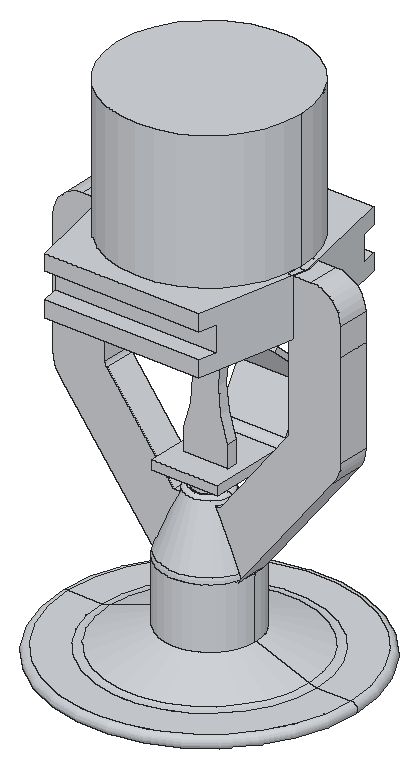
Revit family
Parameters (values of type "RASCO JL112 PENDENT")
  Temperature Rating = 165 °F
  Response = 1
  RASCO SIN # = "R7216"
  RASCO Part # = "JL112P1W"
  Pressure Rating = "175 PSI"
  Pressure Class = (empty or 0)
  Orifice Size = 3/4"
  Orifice = (empty or 0)
  Model = "JL112"
  Manufacturer = "RASCO"
  K-Factor = 11.2
  Description = "WHITE FINISH"
  Coverage = (empty or 0)
Reference planes (in)
  plane 1 "Center (Front/Back)": y = 0
  plane 2: z = 0
  plane 3 "Center (Left/Right)": x = 0
Nested families (in)
  nested 1: "JL112P1W" at (0, 0, 3.35247) x (-1, 0, 0) z (0, 0, -1), type "RASCO JL112 PENDENT"
Connectors (in)
  piping at (0, 0, 3.35247)
    settings: on nested 1, index 1, connector radius 1/2", flow factor 0, pipe flow 0 GPM, pressure drop 0.00 psi, fitting loss kfactor 0, connector angle 0.00°, fixture units 0, flow configuration 0, flow direction 0, fitting loss method 0, system type 7, connector reference index -1, connector utility 0, adjustable connector no, is connector primary yes, fitting loss table "", connector description ""
Definition of nested family "JL112P1W"
  Parameters (values of type "RASCO JL112 PENDENT")
    Type Comments = ""
    Temperature Rating = 0 °F
    Response = (empty or 0)
    Pressure Rating = "0"
    Pressure Class = (empty or 0)
    Orifice Size = 0"
    Orifice = (empty or 0)
    Model = ""
    Manufacturer = ""
    K-Factor = 0
    Description = ""
    Coverage = (empty or 0)
    Assembly Code = ""
  Reference planes (in)
    plane 1 "Center (Front/Back)": y = 0
    plane 2: z = 0
    plane 3 "REF.1": z = 0.773
    plane 4 "top": z = 2.8125
    plane 5: x = -0.81624
    plane 6: x = 0.81332
    plane 7 "ref.2": z = 2.098
    plane 8 "head": z = 2.6725
    plane 9 "left/right center": x = 0
    plane 10 "screw": z = 1.98251
    plane 11 "link2": through (0, -0.02489, 1.21079) normal (0, 0.6767, -0.7363)
    plane 12: z = 2.95
  Forms (in)
    Extrusion 1, solid
      sketch origin (0, 0, 0) x (1, 0, 0) y (0, 1, 0)
        loop
          circle (0, 0) r 0.5221
      from 0 to 0.773
    Extrusion 2, solid
      sketch origin (0, 0, 0.773) x (-1, 0, 0) y (0, -1, 0)
        loop
          line (-0.43619, -0.62052) -> (0.4375, -0.62052) -> (0.56391, 0) -> (0.4375, 0.62052) -> (-0.43619, 0.62052) -> (-0.56259, 0) -> (-0.43619, -0.62052)
      from 0 to 0.325
    Extrusion 3, void
      sketch origin (0, 0, 0) x (1, 0, 0) y (0, 0, 1)
        loop
          line (-0.56391, 1.00774) -> (-0.56391, 0.86298) -> (0.56259, 0.86298) -> (0.56259, 1.00774) -> (-0.56391, 1.00774)
      from 0.52148 to 0.62052
    Extrusion 4, solid
      sketch origin (0, 0, 0) x (1, 0, 0) y (0, 0, 1)
        loop
          line (-0.5221, 0.773) -> (-0.5221, 1.098) -> (-0.5221, 1.58091)
          arc (-0.5221, 1.58091) -> (-0.5194, 1.59708) -> (-0.51161, 1.61149) r 0.04979
          line (-0.51161, 1.61149) -> (-0.13316, 2.098) -> (-0.00066, 2.098) -> (0.13184, 2.098) -> (0.5115, 1.61158)
          arc (0.5115, 1.61158) -> (0.51938, 1.59706) -> (0.5221, 1.58077) r 0.05007
          line (0.5221, 1.58077) -> (0.5221, 1.098) -> (0.5221, 0.773) -> (0.64763, 0.773)
          arc (0.64763, 0.773) -> (0.76676, 0.82234) -> (0.8161, 0.94147) r 0.16847
          line (0.8161, 0.94147) -> (0.8161, 1.098) -> (0.8161, 1.63725)
          arc (0.8161, 1.63725) -> (0.80631, 1.69579) -> (0.77801, 1.74796) r 0.17993
          line (0.77801, 1.74796) -> (0.18552, 2.50706) -> (-0.18743, 2.50706) -> (-0.77818, 1.74764)
          arc (-0.77818, 1.74764) -> (-0.80636, 1.69554) -> (-0.8161, 1.63712) r 0.18
          line (-0.8161, 1.63712) -> (-0.8161, 1.098) -> (-0.8161, 0.94094)
          arc (-0.8161, 0.94094) -> (-0.76691, 0.82219) -> (-0.64816, 0.773) r 0.16794
          line (-0.64816, 0.773) -> (-0.5221, 0.773)
      from -0.08649 to 0.08732
    Extrusion 5, void
      sketch origin (0.00728, 1.142, 0) x (1, 0, 0) y (0, 0, 1)
        loop
          line (-0.56391, 1.00774) -> (-0.56391, 0.86298) -> (0.56259, 0.86298) -> (0.56259, 1.00774) -> (-0.56391, 1.00774)
      from 0.52148 to 0.62052
    Revolve 6, solid
      sketch origin (0, 0, 0) x (1, 0, 0) y (0, 0, 1)
        loop
          line (-0.00066, 2.8125) -> (-0.24139, 2.8125)
          arc (-0.24139, 2.8125) -> (-0.25522, 2.80677) -> (-0.26095, 2.79293) r 0.01957
          line (-0.26095, 2.79293) -> (-0.26095, 2.42899)
          arc (-0.26095, 2.42899) -> (-0.25939, 2.41285) -> (-0.25476, 2.3973) r 0.08419
          line (-0.25476, 2.3973) -> (-0.12582, 2.07995)
          arc (-0.12582, 2.07995) -> (-0.11591, 2.06775) -> (-0.10088, 2.06316) r 0.02692
          line (-0.10088, 2.06316) -> (-0.00066, 2.06316) -> (-0.00066, 2.8125)
        axis (-0.00066, 2.8125) -> (-0.00066, 2.06316)
      angle from 0 to 360
    Extrusion 7, solid
      sketch origin (0, 0, 2.8125) x (-1, 0, 0) y (0, -1, 0)
        loop
          circle (0.00095, 0) r 0.18173
      from 0 to 0.01153
    Extrusion 8, solid
      sketch origin (0, 0, 0) x (1, 0, 0) y (0, 0, 1)
        loop
          line (-0.00066, 1.098) -> (0.12634, 1.098) -> (0.12634, 1.25094)
          arc (0.12634, 1.25094) -> (0.07205, 1.52876) -> (0.12634, 1.80659) r 0.738
          line (0.12634, 1.80659) -> (0.12634, 1.9285) -> (-0.12716, 1.9285) -> (-0.12716, 1.80659)
          arc (-0.12716, 1.80659) -> (-0.07288, 1.52876) -> (-0.12716, 1.25094) r 0.73821
          line (-0.12716, 1.25094) -> (-0.12716, 1.098) -> (-0.00066, 1.098)
      from -0.02698 to 0.02489
    Extrusion 9, solid
      sketch origin (0, 0, 0) x (0, 0, -1) y (0, -1, 0)
        loop
          line (-1.92851, 0.17394) -> (-1.98251, 0.17394) -> (-1.98251, -0.23992)
          arc (-1.98251, -0.23992) -> (-1.96437, -0.3088) -> (-1.91467, -0.35983) r 0.13989
          line (-1.91467, -0.35983) -> (-1.70246, -0.48734)
          arc (-1.70246, -0.48734) -> (-1.69224, -0.50115) -> (-1.69478, -0.51815) r 0.02246
          line (-1.69478, -0.51815) -> (-1.72641, -0.57081) -> (-1.68013, -0.59862) -> (-1.63469, -0.52299)
          arc (-1.63469, -0.52299) -> (-1.62907, -0.4854) -> (-1.65167, -0.45485) r 0.04966
          line (-1.65167, -0.45485) -> (-1.89842, -0.30659)
          arc (-1.89842, -0.30659) -> (-1.92047, -0.28396) -> (-1.92851, -0.25341) r 0.06204
          line (-1.92851, -0.25341) -> (-1.92851, 0.17394)
      from -0.18664 to 0.18723
    Extrusion 10, solid
      sketch origin (0, 0, 1.98251) x (-1, 0, 0) y (0, -1, 0)
        loop
          circle (0, 0) r 0.087
      from 0 to 0.0806
    Extrusion 11, solid
      sketch origin (0, -0.61464, 0.66881) x (0, -0.736298, -0.676658) y (-1, 0, 0)
        loop
          line (-0.69009, 0.00066) -> (-0.69009, 0.24966) -> (-0.83009, 0.38966) -> (-1.45483, 0.38966) -> (-1.59483, 0.24966) -> (-1.59483, -0.24834) -> (-1.45483, -0.38834) -> (-0.83009, -0.38834) -> (-0.69009, -0.24834) -> (-0.69009, 0.00066)
      from -0.02887 to 0
    Revolve 12, solid
      sketch origin (0, 0, 0) x (1, 0, 0) y (0, 0, 1)
        loop
          arc (-0.80122, 2.885) -> (-0.83852, 2.91496) -> (-0.80594, 2.95) r 0.03267
          line (-0.80594, 2.95) -> (-0.60991, 2.95)
          arc (-0.60991, 2.95) -> (-0.57643, 2.94718) -> (-0.5439, 2.93879) r 0.2
          line (-0.5439, 2.93879) -> (-0.19802, 2.81786)
          arc (-0.19802, 2.81786) -> (-0.18245, 2.81385) -> (-0.16643, 2.8125) r 0.09569
          line (-0.16643, 2.8125) -> (-0.00095, 2.8125) -> (-0.00095, 2.7475) -> (-0.1684, 2.7475)
          arc (-0.1684, 2.7475) -> (-0.19336, 2.7496) -> (-0.21761, 2.75585) r 0.14908
          line (-0.21761, 2.75585) -> (-0.56462, 2.87718)
          arc (-0.56462, 2.87718) -> (-0.58732, 2.88303) -> (-0.61069, 2.885) r 0.13958
          line (-0.61069, 2.885) -> (-0.80604, 2.885)
        axis (0, 2.95) -> (0, 2.7475)
      angle from 0 to 360
  Cuts and joins
    Extrusion 3, Extrusion 5 cuts Extrusion 2
  Dimensions and locks (in)
    plane 12 to level = 0' - 2.95"
